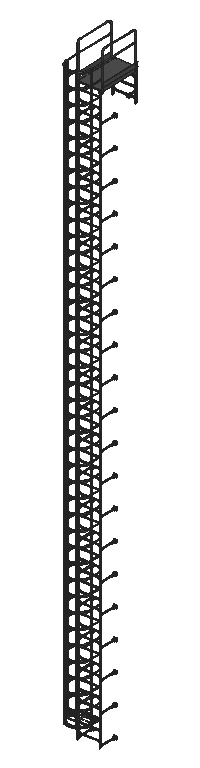
Revit family "BORGE_Вертикальная пожарная лестница_П-2", category Обобщенные модели, Revit 2019 (continued)
Nested families
  nested 36: "SHD_BORGE_Стеновой кронштейн" at (387.486, 0, 15500), Code2 <- "Code2_Кронштейн_Внешний", ADSK_Материал <- "ADSK_Материал", visible <- "Kr_15_Vis", ADSK_Группирование <- "ADSK_Группирование", type "Стеновой кронштейн", detail levels fine
    with L 600 mm, Code2 46, Code1 2, ADSK_Размер_Длина 647 mm, ADSK_Примечание "", ADSK_Позиция "", ADSK_Обозначение "08.104.06.01.01.000.9005M", ADSK_Наименование краткое "Стеновой кронштейн", ADSK_Наименование "Стеновой кронштейн BORGE для пожарной лестницы, 600мм, оцинк., чёрный (RAL 9005 matt)", ADSK_Материал BOGRE_Уcловный_Чёрный матовый_RAL 9005, ADSK_Масса_Текст "1.4", ADSK_Масса 1.4, ADSK_Марка "08.104.06.01.01.000.9005M", ADSK_Количество 1, ADSK_Код изделия "", ADSK_Завод-изготовитель "ООО «Борге», ООО «Бипро»", ADSK_Единица измерения "шт.", ADSK_Группирование ""
  nested 37: "SHD_BORGE_Стеновой кронштейн" at (-387.486, 0, 16500), Code2 <- "Code2_Кронштейн_Внешний", ADSK_Материал <- "ADSK_Материал", visible <- "Kr_16_Vis", ADSK_Группирование <- "ADSK_Группирование", type "Стеновой кронштейн", detail levels fine
    with L 600 mm, Code2 46, Code1 2, ADSK_Размер_Длина 647 mm, ADSK_Примечание "", ADSK_Позиция "", ADSK_Обозначение "08.104.06.01.01.000.9005M", ADSK_Наименование краткое "Стеновой кронштейн", ADSK_Наименование "Стеновой кронштейн BORGE для пожарной лестницы, 600мм, оцинк., чёрный (RAL 9005 matt)", ADSK_Материал BOGRE_Уcловный_Чёрный матовый_RAL 9005, ADSK_Масса_Текст "1.4", ADSK_Масса 1.4, ADSK_Марка "08.104.06.01.01.000.9005M", ADSK_Количество 1, ADSK_Код изделия "", ADSK_Завод-изготовитель "ООО «Борге», ООО «Бипро»", ADSK_Единица измерения "шт.", ADSK_Группирование ""
  nested 38: "SHD_BORGE_Стеновой кронштейн" at (387.486, 0, 16500), Code2 <- "Code2_Кронштейн_Внешний", ADSK_Материал <- "ADSK_Материал", visible <- "Kr_16_Vis", ADSK_Группирование <- "ADSK_Группирование", type "Стеновой кронштейн", detail levels fine
    with L 600 mm, Code2 46, Code1 2, ADSK_Размер_Длина 647 mm, ADSK_Примечание "", ADSK_Позиция "", ADSK_Обозначение "08.104.06.01.01.000.9005M", ADSK_Наименование краткое "Стеновой кронштейн", ADSK_Наименование "Стеновой кронштейн BORGE для пожарной лестницы, 600мм, оцинк., чёрный (RAL 9005 matt)", ADSK_Материал BOGRE_Уcловный_Чёрный матовый_RAL 9005, ADSK_Масса_Текст "1.4", ADSK_Масса 1.4, ADSK_Марка "08.104.06.01.01.000.9005M", ADSK_Количество 1, ADSK_Код изделия "", ADSK_Завод-изготовитель "ООО «Борге», ООО «Бипро»", ADSK_Единица измерения "шт.", ADSK_Группирование ""
  nested 39: "SHD_BORGE_Стеновой кронштейн" at (-387.486, 0, 17500), Code2 <- "Code2_Кронштейн_Внешний", ADSK_Материал <- "ADSK_Материал", visible <- "Kr_17_Vis", ADSK_Группирование <- "ADSK_Группирование", type "Стеновой кронштейн", detail levels fine
    with L 600 mm, Code2 46, Code1 2, ADSK_Размер_Длина 647 mm, ADSK_Примечание "", ADSK_Позиция "", ADSK_Обозначение "08.104.06.01.01.000.9005M", ADSK_Наименование краткое "Стеновой кронштейн", ADSK_Наименование "Стеновой кронштейн BORGE для пожарной лестницы, 600мм, оцинк., чёрный (RAL 9005 matt)", ADSK_Материал BOGRE_Уcловный_Чёрный матовый_RAL 9005, ADSK_Масса_Текст "1.4", ADSK_Масса 1.4, ADSK_Марка "08.104.06.01.01.000.9005M", ADSK_Количество 1, ADSK_Код изделия "", ADSK_Завод-изготовитель "ООО «Борге», ООО «Бипро»", ADSK_Единица измерения "шт.", ADSK_Группирование ""
  nested 40: "SHD_BORGE_Стеновой кронштейн" at (387.486, 0, 17500), Code2 <- "Code2_Кронштейн_Внешний", ADSK_Материал <- "ADSK_Материал", visible <- "Kr_17_Vis", ADSK_Группирование <- "ADSK_Группирование", type "Стеновой кронштейн", detail levels fine
    with L 600 mm, Code2 46, Code1 2, ADSK_Размер_Длина 647 mm, ADSK_Примечание "", ADSK_Позиция "", ADSK_Обозначение "08.104.06.01.01.000.9005M", ADSK_Наименование краткое "Стеновой кронштейн", ADSK_Наименование "Стеновой кронштейн BORGE для пожарной лестницы, 600мм, оцинк., чёрный (RAL 9005 matt)", ADSK_Материал BOGRE_Уcловный_Чёрный матовый_RAL 9005, ADSK_Масса_Текст "1.4", ADSK_Масса 1.4, ADSK_Марка "08.104.06.01.01.000.9005M", ADSK_Количество 1, ADSK_Код изделия "", ADSK_Завод-изготовитель "ООО «Борге», ООО «Бипро»", ADSK_Единица измерения "шт.", ADSK_Группирование ""
  nested 41: "SHD_BORGE_Стеновой кронштейн" at (-387.486, 0, 18500), Code2 <- "Code2_Кронштейн_Внешний", ADSK_Материал <- "ADSK_Материал", visible <- "Kr_18_Vis", ADSK_Группирование <- "ADSK_Группирование", type "Стеновой кронштейн", detail levels fine
    with L 600 mm, Code2 46, Code1 2, ADSK_Размер_Длина 647 mm, ADSK_Примечание "", ADSK_Позиция "", ADSK_Обозначение "08.104.06.01.01.000.9005M", ADSK_Наименование краткое "Стеновой кронштейн", ADSK_Наименование "Стеновой кронштейн BORGE для пожарной лестницы, 600мм, оцинк., чёрный (RAL 9005 matt)", ADSK_Материал BOGRE_Уcловный_Чёрный матовый_RAL 9005, ADSK_Масса_Текст "1.4", ADSK_Масса 1.4, ADSK_Марка "08.104.06.01.01.000.9005M", ADSK_Количество 1, ADSK_Код изделия "", ADSK_Завод-изготовитель "ООО «Борге», ООО «Бипро»", ADSK_Единица измерения "шт.", ADSK_Группирование ""
  nested 42: "SHD_BORGE_Стеновой кронштейн" at (387.486, 0, 18500), Code2 <- "Code2_Кронштейн_Внешний", ADSK_Материал <- "ADSK_Материал", visible <- "Kr_18_Vis", ADSK_Группирование <- "ADSK_Группирование", type "Стеновой кронштейн", detail levels fine
    with L 600 mm, Code2 46, Code1 2, ADSK_Размер_Длина 647 mm, ADSK_Примечание "", ADSK_Позиция "", ADSK_Обозначение "08.104.06.01.01.000.9005M", ADSK_Наименование краткое "Стеновой кронштейн", ADSK_Наименование "Стеновой кронштейн BORGE для пожарной лестницы, 600мм, оцинк., чёрный (RAL 9005 matt)", ADSK_Материал BOGRE_Уcловный_Чёрный матовый_RAL 9005, ADSK_Масса_Текст "1.4", ADSK_Масса 1.4, ADSK_Марка "08.104.06.01.01.000.9005M", ADSK_Количество 1, ADSK_Код изделия "", ADSK_Завод-изготовитель "ООО «Борге», ООО «Бипро»", ADSK_Единица измерения "шт.", ADSK_Группирование ""
  nested 43: "SHD_BORGE_Стеновой кронштейн" at (-387.486, 0, 19500), Code2 <- "Code2_Кронштейн_Внешний", ADSK_Материал <- "ADSK_Материал", visible <- "Kr_19_Vis", ADSK_Группирование <- "ADSK_Группирование", type "Стеновой кронштейн", detail levels fine
    with L 600 mm, Code2 46, Code1 2, ADSK_Размер_Длина 647 mm, ADSK_Примечание "", ADSK_Позиция "", ADSK_Обозначение "08.104.06.01.01.000.9005M", ADSK_Наименование краткое "Стеновой кронштейн", ADSK_Наименование "Стеновой кронштейн BORGE для пожарной лестницы, 600мм, оцинк., чёрный (RAL 9005 matt)", ADSK_Материал BOGRE_Уcловный_Чёрный матовый_RAL 9005, ADSK_Масса_Текст "1.4", ADSK_Масса 1.4, ADSK_Марка "08.104.06.01.01.000.9005M", ADSK_Количество 1, ADSK_Код изделия "", ADSK_Завод-изготовитель "ООО «Борге», ООО «Бипро»", ADSK_Единица измерения "шт.", ADSK_Группирование ""
  nested 44: "SHD_BORGE_Стеновой кронштейн" at (387.486, 0, 19500), Code2 <- "Code2_Кронштейн_Внешний", ADSK_Материал <- "ADSK_Материал", visible <- "Kr_19_Vis", ADSK_Группирование <- "ADSK_Группирование", type "Стеновой кронштейн", detail levels fine
    with L 600 mm, Code2 46, Code1 2, ADSK_Размер_Длина 647 mm, ADSK_Примечание "", ADSK_Позиция "", ADSK_Обозначение "08.104.06.01.01.000.9005M", ADSK_Наименование краткое "Стеновой кронштейн", ADSK_Наименование "Стеновой кронштейн BORGE для пожарной лестницы, 600мм, оцинк., чёрный (RAL 9005 matt)", ADSK_Материал BOGRE_Уcловный_Чёрный матовый_RAL 9005, ADSK_Масса_Текст "1.4", ADSK_Масса 1.4, ADSK_Марка "08.104.06.01.01.000.9005M", ADSK_Количество 1, ADSK_Код изделия "", ADSK_Завод-изготовитель "ООО «Борге», ООО «Бипро»", ADSK_Единица измерения "шт.", ADSK_Группирование ""
  nested 45: "SHD_BORGE_Секция пожарной лестницы" at (0, -625, 4483), Code2 <- "Code2_Лестница_Внешняя_2", ADSK_Материал <- "ADSK_Материал", visible <- "Les_Vnesh_Vis_2", ADSK_Группирование <- "ADSK_Группирование", type "Секция пожарной лестницы", detail levels fine
    with Vis_3 yes, Vis_2 yes, Vis_1 yes, H 3000 mm, Code2 46, Code1 3, ADSK_Размер_Высота 3000 mm, ADSK_Примечание "", ADSK_Позиция "", ADSK_Обозначение "08.113.30.08.01.000.9005M", ADSK_Наименование краткое "Секция пожарной лестницы", ADSK_Наименование "Секция пожарной лестницы BORGE 800, 3м, оцинк., чёрный (RAL 9005 matt), CZn", ADSK_Материал BOGRE_Уcловный_Чёрный матовый_RAL 9005, ADSK_Масса_Текст "2", ADSK_Масса 2, ADSK_Марка "08.113.30.08.01.000.9005M", ADSK_Количество 1, ADSK_Код изделия "", ADSK_Завод-изготовитель "ООО «Борге», ООО «Бипро»", ADSK_Единица измерения "шт.", ADSK_Группирование ""
  nested 46: "SHD_BORGE_Секция пожарной лестницы" at (0, -625, 7483), Code2 <- "Code2_Лестница_Внешняя_3", ADSK_Материал <- "ADSK_Материал", visible <- "Les_Vnesh_Vis_3", ADSK_Группирование <- "ADSK_Группирование", type "Секция пожарной лестницы", detail levels fine
    with Vis_3 yes, Vis_2 yes, Vis_1 yes, H 3000 mm, Code2 46, Code1 3, ADSK_Размер_Высота 3000 mm, ADSK_Примечание "", ADSK_Позиция "", ADSK_Обозначение "08.113.30.08.01.000.9005M", ADSK_Наименование краткое "Секция пожарной лестницы", ADSK_Наименование "Секция пожарной лестницы BORGE 800, 3м, оцинк., чёрный (RAL 9005 matt), CZn", ADSK_Материал BOGRE_Уcловный_Чёрный матовый_RAL 9005, ADSK_Масса_Текст "2", ADSK_Масса 2, ADSK_Марка "08.113.30.08.01.000.9005M", ADSK_Количество 1, ADSK_Код изделия "", ADSK_Завод-изготовитель "ООО «Борге», ООО «Бипро»", ADSK_Единица измерения "шт.", ADSK_Группирование ""
  nested 47: "SHD_BORGE_Секция пожарной лестницы" at (0, -625, 10483), Code2 <- "Code2_Лестница_Внешняя_4", ADSK_Материал <- "ADSK_Материал", visible <- "Les_Vnesh_Vis_4", ADSK_Группирование <- "ADSK_Группирование", type "Секция пожарной лестницы", detail levels fine
    with Vis_3 yes, Vis_2 yes, Vis_1 yes, H 3000 mm, Code2 46, Code1 3, ADSK_Размер_Высота 3000 mm, ADSK_Примечание "", ADSK_Позиция "", ADSK_Обозначение "08.113.30.08.01.000.9005M", ADSK_Наименование краткое "Секция пожарной лестницы", ADSK_Наименование "Секция пожарной лестницы BORGE 800, 3м, оцинк., чёрный (RAL 9005 matt), CZn", ADSK_Материал BOGRE_Уcловный_Чёрный матовый_RAL 9005, ADSK_Масса_Текст "2", ADSK_Масса 2, ADSK_Марка "08.113.30.08.01.000.9005M", ADSK_Количество 1, ADSK_Код изделия "", ADSK_Завод-изготовитель "ООО «Борге», ООО «Бипро»", ADSK_Единица измерения "шт.", ADSK_Группирование ""
  nested 48: "SHD_BORGE_Секция пожарной лестницы" at (0, -625, 13483), Code2 <- "Code2_Лестница_Внешняя_5", ADSK_Материал <- "ADSK_Материал", visible <- "Les_Vnesh_Vis_5", ADSK_Группирование <- "ADSK_Группирование", type "Секция пожарной лестницы", detail levels fine
    with Vis_3 yes, Vis_2 yes, Vis_1 yes, H 3000 mm, Code2 46, Code1 3, ADSK_Размер_Высота 3000 mm, ADSK_Примечание "", ADSK_Позиция "", ADSK_Обозначение "08.113.30.08.01.000.9005M", ADSK_Наименование краткое "Секция пожарной лестницы", ADSK_Наименование "Секция пожарной лестницы BORGE 800, 3м, оцинк., чёрный (RAL 9005 matt), CZn", ADSK_Материал BOGRE_Уcловный_Чёрный матовый_RAL 9005, ADSK_Масса_Текст "2", ADSK_Масса 2, ADSK_Марка "08.113.30.08.01.000.9005M", ADSK_Количество 1, ADSK_Код изделия "", ADSK_Завод-изготовитель "ООО «Борге», ООО «Бипро»", ADSK_Единица измерения "шт.", ADSK_Группирование ""
  nested 49: "SHD_BORGE_Секция пожарной лестницы" at (0, -625, 16483), Code2 <- "Code2_Лестница_Внешняя_6", ADSK_Материал <- "ADSK_Материал", visible <- "Les_Vnesh_Vis_6", ADSK_Группирование <- "ADSK_Группирование", type "Секция пожарной лестницы", detail levels fine
    with Vis_3 yes, Vis_2 yes, Vis_1 yes, H 3000 mm, Code2 46, Code1 3, ADSK_Размер_Высота 3000 mm, ADSK_Примечание "", ADSK_Позиция "", ADSK_Обозначение "08.113.30.08.01.000.9005M", ADSK_Наименование краткое "Секция пожарной лестницы", ADSK_Наименование "Секция пожарной лестницы BORGE 800, 3м, оцинк., чёрный (RAL 9005 matt), CZn", ADSK_Материал BOGRE_Уcловный_Чёрный матовый_RAL 9005, ADSK_Масса_Текст "2", ADSK_Масса 2, ADSK_Марка "08.113.30.08.01.000.9005M", ADSK_Количество 1, ADSK_Код изделия "", ADSK_Завод-изготовитель "ООО «Борге», ООО «Бипро»", ADSK_Единица измерения "шт.", ADSK_Группирование ""
  nested 50: "SHD_BORGE_Стеновой кронштейн" at (-387.486, 0, 20500), Code2 <- "Code2_Кронштейн_Внешний", ADSK_Материал <- "ADSK_Материал", visible <- "Kr_19_Vis", ADSK_Группирование <- "ADSK_Группирование", type "Стеновой кронштейн", detail levels fine
    with L 600 mm, Code2 46, Code1 2, ADSK_Размер_Длина 647 mm, ADSK_Примечание "", ADSK_Позиция "", ADSK_Обозначение "08.104.06.01.01.000.9005M", ADSK_Наименование краткое "Стеновой кронштейн", ADSK_Наименование "Стеновой кронштейн BORGE для пожарной лестницы, 600мм, оцинк., чёрный (RAL 9005 matt)", ADSK_Материал BOGRE_Уcловный_Чёрный матовый_RAL 9005, ADSK_Масса_Текст "1.4", ADSK_Масса 1.4, ADSK_Марка "08.104.06.01.01.000.9005M", ADSK_Количество 1, ADSK_Код изделия "", ADSK_Завод-изготовитель "ООО «Борге», ООО «Бипро»", ADSK_Единица измерения "шт.", ADSK_Группирование ""
  nested 51: "SHD_BORGE_Стеновой кронштейн" at (387.486, 0, 20500), Code2 <- "Code2_Кронштейн_Внешний", ADSK_Материал <- "ADSK_Материал", visible <- "Kr_19_Vis", ADSK_Группирование <- "ADSK_Группирование", type "Стеновой кронштейн", detail levels fine
    with L 600 mm, Code2 46, Code1 2, ADSK_Размер_Длина 647 mm, ADSK_Примечание "", ADSK_Позиция "", ADSK_Обозначение "08.104.06.01.01.000.9005M", ADSK_Наименование краткое "Стеновой кронштейн", ADSK_Наименование "Стеновой кронштейн BORGE для пожарной лестницы, 600мм, оцинк., чёрный (RAL 9005 matt)", ADSK_Материал BOGRE_Уcловный_Чёрный матовый_RAL 9005, ADSK_Масса_Текст "1.4", ADSK_Масса 1.4, ADSK_Марка "08.104.06.01.01.000.9005M", ADSK_Количество 1, ADSK_Код изделия "", ADSK_Завод-изготовитель "ООО «Борге», ООО «Бипро»", ADSK_Единица измерения "шт.", ADSK_Группирование ""
  nested 52: "SHD_BORGE_Вертикальное ограждение лестницы" at (0, -625, 3324.72), ADSK_Группирование <- "ADSK_Группирование", Code2 <- "Code2", ADSK_Материал <- "ADSK_Материал", visible <- "Ogr_18_Vis", type "Вертикальное ограждение", detail levels fine
    with Нижняя направляющие_Высота 450 mm, Верхняя дуга_Видимость yes, Верхние направляющие_Высота 496.58 mm, Верхние направляющие_Видимость yes, Code2 2, ADSK_Примечание "", ADSK_Позиция "", ADSK_Обозначение "08.102.08.08.10.000.9005M", ADSK_Наименование краткое "Вертикальное ограждение", ADSK_Наименование "Верт. ограждение пожарной лестницы BORGE, оцинк., секция 1м, чёрный (RAL 9005 matt)", ADSK_Материал BOGRE_Уcловный_Чёрный матовый_RAL 9005, ADSK_Масса_Текст "7.8", ADSK_Масса 7.8, ADSK_Марка "08.102.08.08.10.000.9005M", ADSK_Количество 1, ADSK_Код изделия "", ADSK_Завод-изготовитель "ООО «Борге», ООО «Бипро»", ADSK_Единица измерения "шт.", ADSK_Группирование ""
  nested 53: "SHD_BORGE_Вертикальное ограждение лестницы" at (0, -625, 4324.72), ADSK_Группирование <- "ADSK_Группирование", Code2 <- "Code2", ADSK_Материал <- "ADSK_Материал", visible <- "Ogr_17_Vis", type "Вертикальное ограждение", detail levels fine
    with Нижняя направляющие_Высота 450 mm, Верхняя дуга_Видимость yes, Верхние направляющие_Высота 496.58 mm, Верхние направляющие_Видимость yes, Code2 2, ADSK_Примечание "", ADSK_Позиция "", ADSK_Обозначение "08.102.08.08.10.000.9005M", ADSK_Наименование краткое "Вертикальное ограждение", ADSK_Наименование "Верт. ограждение пожарной лестницы BORGE, оцинк., секция 1м, чёрный (RAL 9005 matt)", ADSK_Материал BOGRE_Уcловный_Чёрный матовый_RAL 9005, ADSK_Масса_Текст "7.8", ADSK_Масса 7.8, ADSK_Марка "08.102.08.08.10.000.9005M", ADSK_Количество 1, ADSK_Код изделия "", ADSK_Завод-изготовитель "ООО «Борге», ООО «Бипро»", ADSK_Единица измерения "шт.", ADSK_Группирование ""
  nested 54: "SHD_BORGE_Вертикальное ограждение лестницы" at (0, -625, 5324.72), ADSK_Группирование <- "ADSK_Группирование", Code2 <- "Code2", ADSK_Материал <- "ADSK_Материал", visible <- "Ogr_16_Vis", type "Вертикальное ограждение", detail levels fine
    with Нижняя направляющие_Высота 450 mm, Верхняя дуга_Видимость yes, Верхние направляющие_Высота 496.58 mm, Верхние направляющие_Видимость yes, Code2 2, ADSK_Примечание "", ADSK_Позиция "", ADSK_Обозначение "08.102.08.08.10.000.9005M", ADSK_Наименование краткое "Вертикальное ограждение", ADSK_Наименование "Верт. ограждение пожарной лестницы BORGE, оцинк., секция 1м, чёрный (RAL 9005 matt)", ADSK_Материал BOGRE_Уcловный_Чёрный матовый_RAL 9005, ADSK_Масса_Текст "7.8", ADSK_Масса 7.8, ADSK_Марка "08.102.08.08.10.000.9005M", ADSK_Количество 1, ADSK_Код изделия "", ADSK_Завод-изготовитель "ООО «Борге», ООО «Бипро»", ADSK_Единица измерения "шт.", ADSK_Группирование ""
  nested 55: "SHD_BORGE_Вертикальное ограждение лестницы" at (0, -625, 6324.72), ADSK_Группирование <- "ADSK_Группирование", Code2 <- "Code2", ADSK_Материал <- "ADSK_Материал", visible <- "Ogr_15_Vis", type "Вертикальное ограждение", detail levels fine
    with Нижняя направляющие_Высота 450 mm, Верхняя дуга_Видимость yes, Верхние направляющие_Высота 496.58 mm, Верхние направляющие_Видимость yes, Code2 2, ADSK_Примечание "", ADSK_Позиция "", ADSK_Обозначение "08.102.08.08.10.000.9005M", ADSK_Наименование краткое "Вертикальное ограждение", ADSK_Наименование "Верт. ограждение пожарной лестницы BORGE, оцинк., секция 1м, чёрный (RAL 9005 matt)", ADSK_Материал BOGRE_Уcловный_Чёрный матовый_RAL 9005, ADSK_Масса_Текст "7.8", ADSK_Масса 7.8, ADSK_Марка "08.102.08.08.10.000.9005M", ADSK_Количество 1, ADSK_Код изделия "", ADSK_Завод-изготовитель "ООО «Борге», ООО «Бипро»", ADSK_Единица измерения "шт.", ADSK_Группирование ""
  nested 56: "SHD_BORGE_Вертикальное ограждение лестницы" at (0, -625, 7324.72), ADSK_Группирование <- "ADSK_Группирование", Code2 <- "Code2", ADSK_Материал <- "ADSK_Материал", visible <- "Ogr_14_Vis", type "Вертикальное ограждение", detail levels fine
    with Нижняя направляющие_Высота 450 mm, Верхняя дуга_Видимость yes, Верхние направляющие_Высота 496.58 mm, Верхние направляющие_Видимость yes, Code2 2, ADSK_Примечание "", ADSK_Позиция "", ADSK_Обозначение "08.102.08.08.10.000.9005M", ADSK_Наименование краткое "Вертикальное ограждение", ADSK_Наименование "Верт. ограждение пожарной лестницы BORGE, оцинк., секция 1м, чёрный (RAL 9005 matt)", ADSK_Материал BOGRE_Уcловный_Чёрный матовый_RAL 9005, ADSK_Масса_Текст "7.8", ADSK_Масса 7.8, ADSK_Марка "08.102.08.08.10.000.9005M", ADSK_Количество 1, ADSK_Код изделия "", ADSK_Завод-изготовитель "ООО «Борге», ООО «Бипро»", ADSK_Единица измерения "шт.", ADSK_Группирование ""
  nested 57: "SHD_BORGE_Вертикальное ограждение лестницы" at (0, -625, 8324.72), ADSK_Группирование <- "ADSK_Группирование", Code2 <- "Code2", ADSK_Материал <- "ADSK_Материал", visible <- "Ogr_13_Vis", type "Вертикальное ограждение", detail levels fine
    with Нижняя направляющие_Высота 450 mm, Верхняя дуга_Видимость yes, Верхние направляющие_Высота 496.58 mm, Верхние направляющие_Видимость yes, Code2 2, ADSK_Примечание "", ADSK_Позиция "", ADSK_Обозначение "08.102.08.08.10.000.9005M", ADSK_Наименование краткое "Вертикальное ограждение", ADSK_Наименование "Верт. ограждение пожарной лестницы BORGE, оцинк., секция 1м, чёрный (RAL 9005 matt)", ADSK_Материал BOGRE_Уcловный_Чёрный матовый_RAL 9005, ADSK_Масса_Текст "7.8", ADSK_Масса 7.8, ADSK_Марка "08.102.08.08.10.000.9005M", ADSK_Количество 1, ADSK_Код изделия "", ADSK_Завод-изготовитель "ООО «Борге», ООО «Бипро»", ADSK_Единица измерения "шт.", ADSK_Группирование ""
  nested 58: "SHD_BORGE_Вертикальное ограждение лестницы" at (0, -625, 9324.72), ADSK_Группирование <- "ADSK_Группирование", Code2 <- "Code2", ADSK_Материал <- "ADSK_Материал", visible <- "Ogr_12_Vis", type "Вертикальное ограждение", detail levels fine
    with Нижняя направляющие_Высота 450 mm, Верхняя дуга_Видимость yes, Верхние направляющие_Высота 496.58 mm, Верхние направляющие_Видимость yes, Code2 2, ADSK_Примечание "", ADSK_Позиция "", ADSK_Обозначение "08.102.08.08.10.000.9005M", ADSK_Наименование краткое "Вертикальное ограждение", ADSK_Наименование "Верт. ограждение пожарной лестницы BORGE, оцинк., секция 1м, чёрный (RAL 9005 matt)", ADSK_Материал BOGRE_Уcловный_Чёрный матовый_RAL 9005, ADSK_Масса_Текст "7.8", ADSK_Масса 7.8, ADSK_Марка "08.102.08.08.10.000.9005M", ADSK_Количество 1, ADSK_Код изделия "", ADSK_Завод-изготовитель "ООО «Борге», ООО «Бипро»", ADSK_Единица измерения "шт.", ADSK_Группирование ""
  nested 59: "SHD_BORGE_Вертикальное ограждение лестницы" at (0, -625, 10324.72), ADSK_Группирование <- "ADSK_Группирование", Code2 <- "Code2", ADSK_Материал <- "ADSK_Материал", visible <- "Ogr_11_Vis", type "Вертикальное ограждение", detail levels fine
    with Нижняя направляющие_Высота 450 mm, Верхняя дуга_Видимость yes, Верхние направляющие_Высота 496.58 mm, Верхние направляющие_Видимость yes, Code2 2, ADSK_Примечание "", ADSK_Позиция "", ADSK_Обозначение "08.102.08.08.10.000.9005M", ADSK_Наименование краткое "Вертикальное ограждение", ADSK_Наименование "Верт. ограждение пожарной лестницы BORGE, оцинк., секция 1м, чёрный (RAL 9005 matt)", ADSK_Материал BOGRE_Уcловный_Чёрный матовый_RAL 9005, ADSK_Масса_Текст "7.8", ADSK_Масса 7.8, ADSK_Марка "08.102.08.08.10.000.9005M", ADSK_Количество 1, ADSK_Код изделия "", ADSK_Завод-изготовитель "ООО «Борге», ООО «Бипро»", ADSK_Единица измерения "шт.", ADSK_Группирование ""
  nested 60: "SHD_BORGE_Вертикальное ограждение лестницы" at (0, -625, 11324.72), ADSK_Группирование <- "ADSK_Группирование", Code2 <- "Code2", ADSK_Материал <- "ADSK_Материал", visible <- "Ogr_10_Vis", type "Вертикальное ограждение", detail levels fine
    with Нижняя направляющие_Высота 450 mm, Верхняя дуга_Видимость yes, Верхние направляющие_Высота 496.58 mm, Верхние направляющие_Видимость yes, Code2 2, ADSK_Примечание "", ADSK_Позиция "", ADSK_Обозначение "08.102.08.08.10.000.9005M", ADSK_Наименование краткое "Вертикальное ограждение", ADSK_Наименование "Верт. ограждение пожарной лестницы BORGE, оцинк., секция 1м, чёрный (RAL 9005 matt)", ADSK_Материал BOGRE_Уcловный_Чёрный матовый_RAL 9005, ADSK_Масса_Текст "7.8", ADSK_Масса 7.8, ADSK_Марка "08.102.08.08.10.000.9005M", ADSK_Количество 1, ADSK_Код изделия "", ADSK_Завод-изготовитель "ООО «Борге», ООО «Бипро»", ADSK_Единица измерения "шт.", ADSK_Группирование ""
  nested 61: "SHD_BORGE_Вертикальное ограждение лестницы" at (0, -625, 12324.72), ADSK_Группирование <- "ADSK_Группирование", Code2 <- "Code2", ADSK_Материал <- "ADSK_Материал", visible <- "Ogr_9_Vis", type "Вертикальное ограждение", detail levels fine
    with Нижняя направляющие_Высота 450 mm, Верхняя дуга_Видимость yes, Верхние направляющие_Высота 496.58 mm, Верхние направляющие_Видимость yes, Code2 2, ADSK_Примечание "", ADSK_Позиция "", ADSK_Обозначение "08.102.08.08.10.000.9005M", ADSK_Наименование краткое "Вертикальное ограждение", ADSK_Наименование "Верт. ограждение пожарной лестницы BORGE, оцинк., секция 1м, чёрный (RAL 9005 matt)", ADSK_Материал BOGRE_Уcловный_Чёрный матовый_RAL 9005, ADSK_Масса_Текст "7.8", ADSK_Масса 7.8, ADSK_Марка "08.102.08.08.10.000.9005M", ADSK_Количество 1, ADSK_Код изделия "", ADSK_Завод-изготовитель "ООО «Борге», ООО «Бипро»", ADSK_Единица измерения "шт.", ADSK_Группирование ""
  nested 62: "SHD_BORGE_Вертикальное ограждение лестницы" at (0, -625, 13324.72), ADSK_Группирование <- "ADSK_Группирование", Code2 <- "Code2", ADSK_Материал <- "ADSK_Материал", visible <- "Ogr_8_Vis", type "Вертикальное ограждение", detail levels fine
    with Нижняя направляющие_Высота 450 mm, Верхняя дуга_Видимость yes, Верхние направляющие_Высота 496.58 mm, Верхние направляющие_Видимость yes, Code2 2, ADSK_Примечание "", ADSK_Позиция "", ADSK_Обозначение "08.102.08.08.10.000.9005M", ADSK_Наименование краткое "Вертикальное ограждение", ADSK_Наименование "Верт. ограждение пожарной лестницы BORGE, оцинк., секция 1м, чёрный (RAL 9005 matt)", ADSK_Материал BOGRE_Уcловный_Чёрный матовый_RAL 9005, ADSK_Масса_Текст "7.8", ADSK_Масса 7.8, ADSK_Марка "08.102.08.08.10.000.9005M", ADSK_Количество 1, ADSK_Код изделия "", ADSK_Завод-изготовитель "ООО «Борге», ООО «Бипро»", ADSK_Единица измерения "шт.", ADSK_Группирование ""
  nested 63: "SHD_BORGE_Вертикальное ограждение лестницы" at (0, -625, 14324.72), ADSK_Группирование <- "ADSK_Группирование", Code2 <- "Code2", ADSK_Материал <- "ADSK_Материал", visible <- "Ogr_7_Vis", type "Вертикальное ограждение", detail levels fine
    with Нижняя направляющие_Высота 450 mm, Верхняя дуга_Видимость yes, Верхние направляющие_Высота 496.58 mm, Верхние направляющие_Видимость yes, Code2 2, ADSK_Примечание "", ADSK_Позиция "", ADSK_Обозначение "08.102.08.08.10.000.9005M", ADSK_Наименование краткое "Вертикальное ограждение", ADSK_Наименование "Верт. ограждение пожарной лестницы BORGE, оцинк., секция 1м, чёрный (RAL 9005 matt)", ADSK_Материал BOGRE_Уcловный_Чёрный матовый_RAL 9005, ADSK_Масса_Текст "7.8", ADSK_Масса 7.8, ADSK_Марка "08.102.08.08.10.000.9005M", ADSK_Количество 1, ADSK_Код изделия "", ADSK_Завод-изготовитель "ООО «Борге», ООО «Бипро»", ADSK_Единица измерения "шт.", ADSK_Группирование ""
  nested 64: "SHD_BORGE_Вертикальное ограждение лестницы" at (0, -625, 15324.72), ADSK_Группирование <- "ADSK_Группирование", Code2 <- "Code2", ADSK_Материал <- "ADSK_Материал", visible <- "Ogr_6_Vis", type "Вертикальное ограждение", detail levels fine
    with Нижняя направляющие_Высота 450 mm, Верхняя дуга_Видимость yes, Верхние направляющие_Высота 496.58 mm, Верхние направляющие_Видимость yes, Code2 2, ADSK_Примечание "", ADSK_Позиция "", ADSK_Обозначение "08.102.08.08.10.000.9005M", ADSK_Наименование краткое "Вертикальное ограждение", ADSK_Наименование "Верт. ограждение пожарной лестницы BORGE, оцинк., секция 1м, чёрный (RAL 9005 matt)", ADSK_Материал BOGRE_Уcловный_Чёрный матовый_RAL 9005, ADSK_Масса_Текст "7.8", ADSK_Масса 7.8, ADSK_Марка "08.102.08.08.10.000.9005M", ADSK_Количество 1, ADSK_Код изделия "", ADSK_Завод-изготовитель "ООО «Борге», ООО «Бипро»", ADSK_Единица измерения "шт.", ADSK_Группирование ""
  nested 65: "SHD_BORGE_Вертикальное ограждение лестницы" at (0, -625, 16324.72), ADSK_Группирование <- "ADSK_Группирование", Code2 <- "Code2", ADSK_Материал <- "ADSK_Материал", visible <- "Ogr_5_Vis", type "Вертикальное ограждение", detail levels fine
    with Нижняя направляющие_Высота 450 mm, Верхняя дуга_Видимость yes, Верхние направляющие_Высота 496.58 mm, Верхние направляющие_Видимость yes, Code2 2, ADSK_Примечание "", ADSK_Позиция "", ADSK_Обозначение "08.102.08.08.10.000.9005M", ADSK_Наименование краткое "Вертикальное ограждение", ADSK_Наименование "Верт. ограждение пожарной лестницы BORGE, оцинк., секция 1м, чёрный (RAL 9005 matt)", ADSK_Материал BOGRE_Уcловный_Чёрный матовый_RAL 9005, ADSK_Масса_Текст "7.8", ADSK_Масса 7.8, ADSK_Марка "08.102.08.08.10.000.9005M", ADSK_Количество 1, ADSK_Код изделия "", ADSK_Завод-изготовитель "ООО «Борге», ООО «Бипро»", ADSK_Единица измерения "шт.", ADSK_Группирование ""
  nested 66: "SHD_BORGE_Вертикальное ограждение лестницы" at (0, -625, 17324.72), ADSK_Группирование <- "ADSK_Группирование", Code2 <- "Code2", ADSK_Материал <- "ADSK_Материал", visible <- "Ogr_4_Vis", type "Вертикальное ограждение", detail levels fine
    with Нижняя направляющие_Высота 450 mm, Верхняя дуга_Видимость yes, Верхние направляющие_Высота 496.58 mm, Верхние направляющие_Видимость yes, Code2 2, ADSK_Примечание "", ADSK_Позиция "", ADSK_Обозначение "08.102.08.08.10.000.9005M", ADSK_Наименование краткое "Вертикальное ограждение", ADSK_Наименование "Верт. ограждение пожарной лестницы BORGE, оцинк., секция 1м, чёрный (RAL 9005 matt)", ADSK_Материал BOGRE_Уcловный_Чёрный матовый_RAL 9005, ADSK_Масса_Текст "7.8", ADSK_Масса 7.8, ADSK_Марка "08.102.08.08.10.000.9005M", ADSK_Количество 1, ADSK_Код изделия "", ADSK_Завод-изготовитель "ООО «Борге», ООО «Бипро»", ADSK_Единица измерения "шт.", ADSK_Группирование ""
  nested 67: "SHD_BORGE_Вертикальное ограждение лестницы" at (0, -625, 18324.72), ADSK_Группирование <- "ADSK_Группирование", Code2 <- "Code2", ADSK_Материал <- "ADSK_Материал", visible <- "Kr_3_Vis", type "Вертикальное ограждение", detail levels fine
    with Нижняя направляющие_Высота 450 mm, Верхняя дуга_Видимость yes, Верхние направляющие_Высота 496.58 mm, Верхние направляющие_Видимость yes, Code2 2, ADSK_Примечание "", ADSK_Позиция "", ADSK_Обозначение "08.102.08.08.10.000.9005M", ADSK_Наименование краткое "Вертикальное ограждение", ADSK_Наименование "Верт. ограждение пожарной лестницы BORGE, оцинк., секция 1м, чёрный (RAL 9005 matt)", ADSK_Материал BOGRE_Уcловный_Чёрный матовый_RAL 9005, ADSK_Масса_Текст "7.8", ADSK_Масса 7.8, ADSK_Марка "08.102.08.08.10.000.9005M", ADSK_Количество 1, ADSK_Код изделия "", ADSK_Завод-изготовитель "ООО «Борге», ООО «Бипро»", ADSK_Единица измерения "шт.", ADSK_Группирование ""
  nested 68: "SHD_BORGE_Вертикальное ограждение лестницы" at (0, -625, 19324.72), ADSK_Группирование <- "ADSK_Группирование", Code2 <- "Code2", ADSK_Материал <- "ADSK_Материал", type "Вертикальное ограждение", detail levels fine
    with Нижняя направляющие_Высота 450 mm, Верхняя дуга_Видимость yes, Верхние направляющие_Высота 496.58 mm, Верхние направляющие_Видимость yes, Code2 2, ADSK_Примечание "", ADSK_Позиция "", ADSK_Обозначение "08.102.08.08.10.000.9005M", ADSK_Наименование краткое "Вертикальное ограждение", ADSK_Наименование "Верт. ограждение пожарной лестницы BORGE, оцинк., секция 1м, чёрный (RAL 9005 matt)", ADSK_Материал BOGRE_Уcловный_Чёрный матовый_RAL 9005, ADSK_Масса_Текст "7.8", ADSK_Масса 7.8, ADSK_Марка "08.102.08.08.10.000.9005M", ADSK_Количество 1, ADSK_Код изделия "", ADSK_Завод-изготовитель "ООО «Борге», ООО «Бипро»", ADSK_Единица измерения "шт.", ADSK_Группирование ""
  nested 69: "SHD_BORGE_Вертикальное ограждение лестницы" at (0, -625, 20324.72), ADSK_Группирование <- "ADSK_Группирование", Code2 <- "Code2", ADSK_Материал <- "ADSK_Материал", type "Вертикальное ограждение", detail levels fine
    with Нижняя направляющие_Высота 450 mm, Верхняя дуга_Видимость yes, Верхние направляющие_Высота 496.58 mm, Верхние направляющие_Видимость yes, Code2 2, ADSK_Примечание "", ADSK_Позиция "", ADSK_Обозначение "08.102.08.08.10.000.9005M", ADSK_Наименование краткое "Вертикальное ограждение", ADSK_Наименование "Верт. ограждение пожарной лестницы BORGE, оцинк., секция 1м, чёрный (RAL 9005 matt)", ADSK_Материал BOGRE_Уcловный_Чёрный матовый_RAL 9005, ADSK_Масса_Текст "7.8", ADSK_Масса 7.8, ADSK_Марка "08.102.08.08.10.000.9005M", ADSK_Количество 1, ADSK_Код изделия "", ADSK_Завод-изготовитель "ООО «Борге», ООО «Бипро»", ADSK_Единица измерения "шт.", ADSK_Группирование ""
  nested 70: "SHD_BORGE_Вертикальное ограждение_Верхнее" at (0, -625, 21324.72), ADSK_Группирование <- "ADSK_Группирование", Code2 <- "Code2", ADSK_Материал <- "ADSK_Материал", Ограждение_Высота <- "Ограждение_Высота", visible <- "Ogr_0_Vis", type "Вертикальное ограждение", detail levels fine
    with Ограждение_Высота 19000 mm, Code2 2, ADSK_Примечание "", ADSK_Позиция "", ADSK_Обозначение "08.102.08.08.10.000.9005M", ADSK_Наименование краткое "Вертикальное ограждение", ADSK_Наименование "Верт. ограждение пожарной лестницы BORGE, оцинк., секция 1м, чёрный (RAL 9005 matt)", ADSK_Материал BOGRE_Уcловный_Чёрный матовый_RAL 9005, ADSK_Масса_Текст "7.8", ADSK_Масса 7.8, ADSK_Марка "08.102.08.08.10.000.9005M", ADSK_Количество 1, ADSK_Код изделия "", ADSK_Завод-изготовитель "ООО «Борге», ООО «Бипро»", ADSK_Единица измерения "шт.", ADSK_Группирование ""
  nested 71: "SHD_BORGE_Устройство ограничения доступа" at (0, -625, 2350.132), ADSK_Материал <- "ADSK_Материал", Code2 <- "Code2", ADSK_Группирование <- "ADSK_Группирование", type "Устройство ограничения доступа", detail levels fine
    with Code2 2, ADSK_Примечание "", ADSK_Позиция "", ADSK_Обозначение "08.110.08.07.01.000.9005M", ADSK_Наименование краткое "Устройство ограничения доступа", ADSK_Наименование "Устройство ограничения доступа BORGE для пожарной лестницы, чёрный (RAL 9005 matt)", ADSK_Материал BOGRE_Уcловный_Чёрный матовый_RAL 9005, ADSK_Масса_Текст "0", ADSK_Масса 0, ADSK_Марка "08.110.08.07.01.000.9005M", ADSK_Количество 1, ADSK_Код изделия "", ADSK_Завод-изготовитель "ООО «Борге», ООО «Бипро»", ADSK_Единица измерения "шт.", ADSK_Группирование ""
  nested 72: "SHD_BORGE_Вертикальное ограждение лестницы" at (0, -625, 2324.72), ADSK_Группирование <- "ADSK_Группирование", Code2 <- "Code2", ADSK_Материал <- "ADSK_Материал", visible <- "Ogr_19_Vis", type "Вертикальное ограждение", detail levels fine
    with Нижняя направляющие_Высота 450 mm, Верхняя дуга_Видимость yes, Верхние направляющие_Высота 496.58 mm, Верхние направляющие_Видимость yes, Code2 2, ADSK_Примечание "", ADSK_Позиция "", ADSK_Обозначение "08.102.08.08.10.000.9005M", ADSK_Наименование краткое "Вертикальное ограждение", ADSK_Наименование "Верт. ограждение пожарной лестницы BORGE, оцинк., секция 1м, чёрный (RAL 9005 matt)", ADSK_Материал BOGRE_Уcловный_Чёрный матовый_RAL 9005, ADSK_Масса_Текст "7.8", ADSK_Масса 7.8, ADSK_Марка "08.102.08.08.10.000.9005M", ADSK_Количество 1, ADSK_Код изделия "", ADSK_Завод-изготовитель "ООО «Борге», ООО «Бипро»", ADSK_Единица измерения "шт.", ADSK_Группирование ""
Definition of nested family "SHD_BORGE_Площадка переходная_П-2"
  Parameters (values of type "Площадка переходная")
    Manufacturer = "ООО «Борге», ООО «Бипро»"  # constant formula
    URL = "https://borge.ru/"
    LT = "BORGE_Площадка переходная"  # constant formula
    H [instance] = 1360 mm  # constant formula
    Code2 [instance] = 26
    Code1 [instance] = size_lookup(LT, "Code1", 1, Code2)  # 2
    B [instance] = if(Code1 = 1, 800 mm, if(Code1 = 2, 800 mm, if(Code1 = 3, 800 mm, 800 mm)))  # 800 mm
    ADSK_Размер_Ширина [instance] = B  # 800 mm
    ADSK_Размер_Длина [instance] = A  # 1200 mm
    ADSK_Размер_Высота [instance] = H  # 1360 mm
    ADSK_Примечание [instance] = ""
    ADSK_Позиция [instance] = ""
    ADSK_Обозначение [instance] = size_lookup(LT, "ADSK_Обозначение", "НЕ НАЙДЕНО", Code2)  # "08.111.12.08.12.000.9003"
    ADSK_Наименование краткое [instance] = "Площадка переходная"
    ADSK_Наименование [instance] = size_lookup(LT, "ADSK_Наименование", "НЕ НАЙДЕНО", Code2)  # "Площадка переходная BORGE 800х1200мм, оцинк., сигнально-белый (RAL 9003)"
    ADSK_Материал [instance] = none
    ADSK_Масса_Текст [instance] = if(Code1 = 1, "0.94", if(Code1 = 2, "1.4", "2"))  # "1.4"
    ADSK_Масса [instance] = if(Code1 = 1, 0.94, if(Code1 = 2, 1.4, 2))  # 1.4
    ADSK_Марка [instance] = ADSK_Обозначение  # "08.111.12.08.12.000.9003"
    ADSK_Количество [instance] = 1  # constant formula
    ADSK_Код изделия [instance] = ""
    ADSK_Завод-изготовитель [instance] = "ООО «Борге», ООО «Бипро»"  # constant formula
    ADSK_Единица измерения [instance] = "шт."  # constant formula
    ADSK_Группирование [instance] = ""
    ADSK_Версия семейства = "Rev1 2023-08"  # constant formula
    ADSK_URL страницы изделия = "https://borge.ru/products/fire-stairs/vertical_stairs/"
    ADSK_URL документации изделия = "https://borge.ru/products/fire-stairs/vertical_stairs/"
    A [instance] = if(Code1 = 1, 800 mm, if(Code1 = 2, 1200 mm, if(Code1 = 3, 1600 mm, 800 mm)))  # 1200 mm
  Reference planes
    plane 1 "По центру (Вперед/Назад)": y = 0
    plane 2: z = 0
    plane 3 "По центру (Влево/Вправо)": x = 0
    plane 4: y = -1200
    plane 5 "1": x = -418.396
    plane 6 "2": x = 418.396
    plane 7: y = -89.933
    plane 8: y = -1109.933
    plane 9 "3": x = -400
    plane 10 "4": x = 400
    plane 11: y = -47
    plane 12: y = -1153
    plane 13: y = -1137.29
    plane 14: y = -62.29
    plane 15 "8": x = -403.4
    plane 16 "9": x = 403.4
    plane 17: z = 925.032
  Forms (mm)
    Sweep 1, solid, material <- "ADSK_Материал", detail levels fine
      path origin (-418.396, 0, 0) x (0, -1, 0) y (0, 0, 1)
        loop
          line (89.933, 0) -> (89.933, 1214.082)
          arc (89.933, 1214.082) -> (128.009, 1306.006) -> (219.933, 1344.082) r 130
          line (219.933, 1344.082) -> (979.933, 1344.082)
          arc (979.933, 1344.082) -> (1071.857, 1306.006) -> (1109.933, 1214.082) r 130
          line (1109.933, 1214.082) -> (1109.933, 0)
      profile origin (-418.396, -89.933, 607.041) x (0, 1, 0) y (-1, 0, 0)
        loop
          circle (0, 0) r 16.494
    Sweep 2, solid, material <- "ADSK_Материал", detail levels fine
      path origin (418.396, 0, 0) x (0, -1, 0) y (0, 0, -1)
        loop
          line (89.933, 0) -> (89.933, -1214.082)
          arc (89.933, -1214.082) -> (128.009, -1306.006) -> (219.933, -1344.082) r 130
          line (219.933, -1344.082) -> (979.933, -1344.082)
          arc (979.933, -1344.082) -> (1071.857, -1306.006) -> (1109.933, -1214.082) r 130
          line (1109.933, -1214.082) -> (1109.933, 0)
      profile origin (418.396, -89.933, 607.041) x (0, -1, 0) y (1, 0, 0)
        loop
          circle (0, 0) r 16.494
    Extrusion 3, solid, material <- "ADSK_Материал", detail levels fine
      sketch origin (0, 265, 0) x (0, 0, 1) y (1, 0, 0)
        loop
          circle (925.096, -418.396) r 15.963
      from -1374.933 to -354.933
    Extrusion 4, solid, material <- "ADSK_Материал", detail levels fine
      sketch origin (0, 265, 0) x (0, 0, 1) y (1, 0, 0)
        loop
          circle (925.096, 418.396) r 15.963
      from -1374.933 to -354.933
    Extrusion 5, solid, material <- "ADSK_Материал", detail levels fine
      sketch origin (0, 265, 0) x (0, 0, 1) y (1, 0, 0)
        loop
          arc (324.4, 437.474) -> (323.938, 436.358) -> (322.821, 435.896) r 1.579
          line (322.821, 435.896) -> (188.892, 435.896)
          arc (188.892, 435.896) -> (187.837, 436.333) -> (187.4, 437.388) r 1.492
          line (187.4, 437.388) -> (187.4, 449.396) -> (185.9, 449.396) -> (185.9, 437.379)
          arc (185.9, 437.379) -> (186.774, 435.27) -> (188.883, 434.396) r 2.983
          line (188.883, 434.396) -> (322.945, 434.396)
          arc (322.945, 434.396) -> (325.034, 435.261) -> (325.9, 437.351) r 2.955
          line (325.9, 437.351) -> (325.9, 449.396) -> (324.4, 449.396) -> (324.4, 437.474)
      from -1418 to -312
    Extrusion 6, solid, material <- "ADSK_Материал", detail levels fine
      sketch origin (0, 265, 0) x (0, 0, 1) y (1, 0, 0)
        loop
          line (324.4, -437.474) -> (324.4, -449.396) -> (325.9, -449.396) -> (325.9, -437.351)
          arc (325.9, -437.351) -> (325.034, -435.261) -> (322.945, -434.396) r 2.955
          line (322.945, -434.396) -> (188.883, -434.396)
          arc (188.883, -434.396) -> (186.774, -435.27) -> (185.9, -437.379) r 2.983
          line (185.9, -437.379) -> (185.9, -449.396) -> (187.4, -449.396) -> (187.4, -437.388)
          arc (187.4, -437.388) -> (187.837, -436.333) -> (188.892, -435.896) r 1.492
          line (188.892, -435.896) -> (322.821, -435.896)
          arc (322.821, -435.896) -> (323.938, -436.358) -> (324.4, -437.474) r 1.579
      from -1418 to -312
    Extrusion 7, solid, material <- "ADSK_Материал", detail levels fine
      sketch origin (0, 265, 0) x (0, 0, 1) y (1, 0, 0)
        loop
          line (33.9, 370.4) -> (36.9, 370.4) -> (36.9, 398.918)
          arc (36.9, 398.918) -> (37.334, 399.966) -> (38.382, 400.4) r 1.482
          line (38.382, 400.4) -> (119.406, 400.4)
          arc (119.406, 400.4) -> (120.462, 399.962) -> (120.9, 398.906) r 1.494
          line (120.9, 398.906) -> (120.9, 363.4) -> (123.9, 363.4) -> (123.9, 398.901)
          arc (123.9, 398.901) -> (122.582, 402.082) -> (119.401, 403.4) r 4.499
          line (119.401, 403.4) -> (38.449, 403.4)
          arc (38.449, 403.4) -> (35.232, 402.068) -> (33.9, 398.851) r 4.549
          line (33.9, 398.851) -> (33.9, 370.4)
      from -1465 to -265
    Extrusion 8, solid, material <- "ADSK_Материал", detail levels fine
      sketch origin (0, 265, 0) x (0, 0, 1) y (1, 0, 0)
        loop
          line (33.9, -370.4) -> (33.9, -398.851)
          arc (33.9, -398.851) -> (35.232, -402.068) -> (38.449, -403.4) r 4.549
          line (38.449, -403.4) -> (119.401, -403.4)
          arc (119.401, -403.4) -> (122.582, -402.082) -> (123.9, -398.901) r 4.499
          line (123.9, -398.901) -> (123.9, -363.4) -> (120.9, -363.4) -> (120.9, -398.906)
          arc (120.9, -398.906) -> (120.462, -399.962) -> (119.406, -400.4) r 1.494
          line (119.406, -400.4) -> (38.382, -400.4)
          arc (38.382, -400.4) -> (37.334, -399.966) -> (36.9, -398.918) r 1.482
          line (36.9, -398.918) -> (36.9, -370.4) -> (33.9, -370.4)
      from -1465 to -265
    Extrusion 9, solid, material <- "ADSK_Материал", detail levels fine
      sketch origin (0, 0, 0) x (0, 1, 0) y (0, 0, 1)
        loop
          line (-21.5, 123.9) -> (-2.212, 123.9)
          arc (-2.212, 123.9) -> (-0.648, 124.548) -> (0, 126.112) r 2.212
          line (0, 126.112) -> (0, 153.624)
          arc (0, 153.624) -> (-0.667, 155.233) -> (-2.276, 155.9) r 2.276
          line (-2.276, 155.9) -> (-1197.701, 155.9)
          arc (-1197.701, 155.9) -> (-1199.327, 155.227) -> (-1200, 153.601) r 2.299
          line (-1200, 153.601) -> (-1200, 127.692)
          arc (-1200, 127.692) -> (-1199.329, 126.071) -> (-1197.708, 125.4) r 2.292
          line (-1197.708, 125.4) -> (-1177, 125.4) -> (-1177, 126.9) -> (-1197.733, 126.9)
          arc (-1197.733, 126.9) -> (-1198.275, 127.125) -> (-1198.5, 127.667) r 0.767
          line (-1198.5, 127.667) -> (-1198.5, 153.65)
          arc (-1198.5, 153.65) -> (-1198.28, 154.18) -> (-1197.75, 154.4) r 0.75
          line (-1197.75, 154.4) -> (-2.276, 154.4)
          arc (-2.276, 154.4) -> (-1.727, 154.173) -> (-1.5, 153.624) r 0.776
          line (-1.5, 153.624) -> (-1.5, 126.182)
          arc (-1.5, 126.182) -> (-1.729, 125.629) -> (-2.282, 125.4) r 0.782
          line (-2.282, 125.4) -> (-21.5, 125.4) -> (-21.5, 123.9)
      from -403.4 to 403.4
    Extrusion 10, solid, material <- "ADSK_Материал", detail levels fine
      sketch origin (0, 0, 0) x (1, 0, 0) y (0, 1, 0)
        loop
          line (407.9, -52) -> (406.4, -52) -> (406.4, -71.475)
          arc (406.4, -71.475) -> (407.285, -73.612) -> (409.423, -74.498) r 3.023
          line (409.423, -74.498) -> (435.945, -74.498)
          arc (435.945, -74.498) -> (436.971, -74.923) -> (437.396, -75.949) r 1.451
          line (437.396, -75.949) -> (437.396, -105.031)
          arc (437.396, -105.031) -> (436.967, -106.065) -> (435.933, -106.494) r 1.463
          line (435.933, -106.494) -> (409.35, -106.494)
          arc (409.35, -106.494) -> (407.264, -107.358) -> (406.4, -109.444) r 2.95
          line (406.4, -109.444) -> (406.4, -128.992) -> (407.9, -128.992) -> (407.9, -109.45)
          arc (407.9, -109.45) -> (408.326, -108.42) -> (409.356, -107.994) r 1.456
          line (409.356, -107.994) -> (435.926, -107.994)
          arc (435.926, -107.994) -> (438.026, -107.124) -> (438.896, -105.024) r 2.97
          line (438.896, -105.024) -> (438.896, -76.038)
          arc (438.896, -76.038) -> (438.005, -73.888) -> (435.855, -72.998) r 3.041
          line (435.855, -72.998) -> (409.412, -72.998)
          arc (409.412, -72.998) -> (408.343, -72.555) -> (407.9, -71.486) r 1.512
          line (407.9, -71.486) -> (407.9, -52)
      from 39.9 to 117
    Extrusion 11, solid, material <- "ADSK_Материал", detail levels fine
      sketch origin (0, -1020, 0) x (1, 0, 0) y (0, 1, 0)
        loop
          line (407.9, -52) -> (406.4, -52) -> (406.4, -71.475)
          arc (406.4, -71.475) -> (407.285, -73.612) -> (409.423, -74.498) r 3.023
          line (409.423, -74.498) -> (435.945, -74.498)
          arc (435.945, -74.498) -> (436.971, -74.923) -> (437.396, -75.949) r 1.451
          line (437.396, -75.949) -> (437.396, -105.031)
          arc (437.396, -105.031) -> (436.967, -106.065) -> (435.933, -106.494) r 1.463
          line (435.933, -106.494) -> (409.35, -106.494)
          arc (409.35, -106.494) -> (407.264, -107.358) -> (406.4, -109.444) r 2.95
          line (406.4, -109.444) -> (406.4, -128.992) -> (407.9, -128.992) -> (407.9, -109.45)
          arc (407.9, -109.45) -> (408.326, -108.42) -> (409.356, -107.994) r 1.456
          line (409.356, -107.994) -> (435.926, -107.994)
          arc (435.926, -107.994) -> (438.026, -107.124) -> (438.896, -105.024) r 2.97
          line (438.896, -105.024) -> (438.896, -76.038)
          arc (438.896, -76.038) -> (438.005, -73.888) -> (435.855, -72.998) r 3.041
          line (435.855, -72.998) -> (409.412, -72.998)
          arc (409.412, -72.998) -> (408.343, -72.555) -> (407.9, -71.486) r 1.512
          line (407.9, -71.486) -> (407.9, -52)
      from 39.9 to 117
    Extrusion 12, solid, material <- "ADSK_Материал", detail levels fine
      sketch origin (0, 0, 0) x (-1, 0, 0) y (0, -1, 0)
        loop
          line (407.9, 52) -> (407.9, 71.486)
          arc (407.9, 71.486) -> (408.343, 72.555) -> (409.412, 72.998) r 1.512
          line (409.412, 72.998) -> (435.855, 72.998)
          arc (435.855, 72.998) -> (438.005, 73.888) -> (438.896, 76.038) r 3.041
          line (438.896, 76.038) -> (438.896, 105.024)
          arc (438.896, 105.024) -> (438.026, 107.124) -> (435.926, 107.994) r 2.97
          line (435.926, 107.994) -> (409.356, 107.994)
          arc (409.356, 107.994) -> (408.326, 108.42) -> (407.9, 109.45) r 1.456
          line (407.9, 109.45) -> (407.9, 128.992) -> (406.4, 128.992) -> (406.4, 109.444)
          arc (406.4, 109.444) -> (407.264, 107.358) -> (409.35, 106.494) r 2.95
          line (409.35, 106.494) -> (435.933, 106.494)
          arc (435.933, 106.494) -> (436.967, 106.065) -> (437.396, 105.031) r 1.463
          line (437.396, 105.031) -> (437.396, 75.949)
          arc (437.396, 75.949) -> (436.971, 74.923) -> (435.945, 74.498) r 1.451
          line (435.945, 74.498) -> (409.423, 74.498)
          arc (409.423, 74.498) -> (407.285, 73.612) -> (406.4, 71.475) r 3.023
          line (406.4, 71.475) -> (406.4, 52) -> (407.9, 52)
      from 39.9 to 117
    Extrusion 13, solid, material <- "ADSK_Материал", detail levels fine
      sketch origin (0, -1020, 0) x (-1, 0, 0) y (0, -1, 0)
        loop
          line (407.9, 52) -> (407.9, 71.486)
          arc (407.9, 71.486) -> (408.343, 72.555) -> (409.412, 72.998) r 1.512
          line (409.412, 72.998) -> (435.855, 72.998)
          arc (435.855, 72.998) -> (438.005, 73.888) -> (438.896, 76.038) r 3.041
          line (438.896, 76.038) -> (438.896, 105.024)
          arc (438.896, 105.024) -> (438.026, 107.124) -> (435.926, 107.994) r 2.97
          line (435.926, 107.994) -> (409.356, 107.994)
          arc (409.356, 107.994) -> (408.326, 108.42) -> (407.9, 109.45) r 1.456
          line (407.9, 109.45) -> (407.9, 128.992) -> (406.4, 128.992) -> (406.4, 109.444)
          arc (406.4, 109.444) -> (407.264, 107.358) -> (409.35, 106.494) r 2.95
          line (409.35, 106.494) -> (435.933, 106.494)
          arc (435.933, 106.494) -> (436.967, 106.065) -> (437.396, 105.031) r 1.463
          line (437.396, 105.031) -> (437.396, 75.949)
          arc (437.396, 75.949) -> (436.971, 74.923) -> (435.945, 74.498) r 1.451
          line (435.945, 74.498) -> (409.423, 74.498)
          arc (409.423, 74.498) -> (407.285, 73.612) -> (406.4, 71.475) r 3.023
          line (406.4, 71.475) -> (406.4, 52) -> (407.9, 52)
      from 40 to 117
    Sweep 14, solid, material <- "ADSK_Материал", detail levels fine
      path origin (0, 0, 0) x (1, 0, 0) y (0, 1, 0)
        loop
          line (-418.396, -1109.933) -> (-418.396, -1559.6)
          arc (-418.396, -1559.6) -> (0, -1977.995) -> (418.396, -1559.6) r 418.396
          line (418.396, -1559.6) -> (418.396, -1109.933)
      profile origin (-418.396, -1334.766, 0) x (1, 0, 0) y (0, 0, 1)
        loop
          circle (0, 925) r 16
  Dimensions and locks
    "A": plane 4 to plane 1 "По центру (Вперед/Назад)"
    locked: plane 4 to plane 8 at 90.067
    locked: plane 1 "По центру (Вперед/Назад)" to plane 7 at 89.933
    equal spacing: plane 9 "3", plane 3 "По центру (Влево/Вправо)", plane 10 "4"
    "B": plane 9 "3" to plane 10 "4"
    locked: plane 10 "4" to plane 6 "2" at 18.396
    locked: plane 5 "1" to plane 9 "3" at 18.396
    locked: plane 8 to plane 12 at 43.067
    locked: plane 11 to plane 7 at 42.933
    locked: plane 13 to plane 12 at 15.71
    locked: plane 11 to plane 14 at 15.29
    locked: plane 15 "8" to plane 9 "3" at 3.4
    locked: plane 10 "4" to plane 16 "9" at 3.4
    locked: plane 17 to plane 2 at 925.032
    aligned and locked: level to plane 2
    aligned and locked: profile plane to Sweep 1 sketch curve
    aligned and locked: plane 7 to Sweep 1 sketch curve
    aligned and locked: Sweep 1 sketch curve to plane 7
    aligned and locked: Sweep 1 sketch curve to plane 8
    aligned and locked: plane 7 to Sweep 2 sketch curve  (x2)
    aligned and locked: plane 6 "2" to Sweep 2 sketch curve
    aligned and locked: plane 8 to Sweep 2 sketch curve
    aligned and locked: plane 5 "1" to Extrusion 3 sketch curve
    aligned and locked: plane 6 "2" to Extrusion 4 sketch curve
    aligned and locked: Extrusion 3 to plane 8
    aligned and locked: plane 7 to Extrusion 3
    aligned and locked: Extrusion 4 to plane 8
    aligned and locked: plane 7 to Extrusion 4
    aligned and locked: Extrusion 5 to plane 12
    aligned and locked: Extrusion 6 to plane 12
    aligned and locked: plane 4 to Extrusion 7
    aligned and locked: Extrusion 7 to plane 1 "По центру (Вперед/Назад)"
    aligned and locked: plane 15 "8" to Extrusion 9
    aligned and locked: plane 16 "9" to Extrusion 9
    aligned and locked: plane 4 to Extrusion 8
    aligned and locked: plane 5 "1" to Sweep 14 sketch curve
    aligned and locked: Sweep 14 sketch curve to plane 6 "2"
    aligned and locked: plane 8 to Sweep 14 sketch curve  (x2)
  Automatic sketch dimensions
    Sweep 1 sketch curve to level = 0 mm  (x2)
    Sweep 1 sketch curve to plane 7 = 130 mm
    Sweep 1 sketch curve to Sweep 1 sketch curve = 130 mm
    level to Sweep 1 sketch curve = 1214.082 mm
    Sweep 2 sketch curve to level = 0 mm  (x2)
    Sweep 2 sketch curve to plane 7 = 130 mm
    plane 8 to Sweep 2 sketch curve = 130 mm
    level to Sweep 2 sketch curve = 1214.082 mm
    level to Extrusion 3 sketch curve = 925.096 mm
    level to Extrusion 4 sketch curve = 925.096 mm
    plane 6 "2" to Extrusion 5 sketch curve = 31 mm
    level to Extrusion 5 sketch curve = 185.9 mm
    Extrusion 5 sketch curve to Extrusion 5 sketch curve = 1.5 mm  (x3)
    Extrusion 5 sketch curve to Extrusion 5 sketch curve = 1.483 mm
    Extrusion 5 sketch curve to Extrusion 5 sketch curve = 0.009 mm
    plane 6 "2" to Extrusion 5 sketch curve = 17.5 mm
    Extrusion 5 sketch curve to Extrusion 5 sketch curve = 133.93 mm
    Extrusion 5 sketch curve to Extrusion 5 sketch curve = 0.124 mm
    Extrusion 5 sketch curve to Extrusion 5 sketch curve = 1.455 mm
    Extrusion 5 sketch curve to Extrusion 5 sketch curve = 11.921 mm
    plane 5 "1" to Extrusion 6 sketch curve = 31 mm
    level to Extrusion 6 sketch curve = 185.9 mm
    Extrusion 6 sketch curve to Extrusion 6 sketch curve = 1.5 mm  (x2)
    Extrusion 6 sketch curve to Extrusion 6 sketch curve = 1.483 mm
    Extrusion 6 sketch curve to Extrusion 6 sketch curve = 0.009 mm  (x2)
    plane 5 "1" to Extrusion 6 sketch curve = 17.5 mm
    Extrusion 6 sketch curve to Extrusion 6 sketch curve = 133.93 mm
    Extrusion 6 sketch curve to Extrusion 6 sketch curve = 0.124 mm
    Extrusion 6 sketch curve to Extrusion 6 sketch curve = 1.455 mm
    Extrusion 6 sketch curve to Extrusion 6 sketch curve = 11.921 mm
    level to Extrusion 7 sketch curve = 33.9 mm
    Extrusion 7 sketch curve to Extrusion 7 sketch curve = 3 mm  (x2)
    plane 10 "4" to Extrusion 7 sketch curve = 0.4 mm
    Extrusion 7 sketch curve to Extrusion 7 sketch curve = 1.482 mm
    Extrusion 7 sketch curve to Extrusion 7 sketch curve = 0.067 mm
    Extrusion 7 sketch curve to plane 10 "4" = 1.099 mm
    Extrusion 7 sketch curve to Extrusion 7 sketch curve = 80.952 mm
    Extrusion 7 sketch curve to Extrusion 7 sketch curve = 0.005 mm
    Extrusion 7 sketch curve to Extrusion 7 sketch curve = 1.499 mm
    Extrusion 7 sketch curve to Extrusion 7 sketch curve = 28.451 mm
    Extrusion 7 sketch curve to Extrusion 7 sketch curve = 35.501 mm
    level to Extrusion 8 sketch curve = 33.9 mm
    Extrusion 8 sketch curve to Extrusion 8 sketch curve = 3 mm  (x2)
    plane 9 "3" to Extrusion 8 sketch curve = 0.4 mm
    Extrusion 8 sketch curve to Extrusion 8 sketch curve = 1.482 mm
    Extrusion 8 sketch curve to Extrusion 8 sketch curve = 0.067 mm
    Extrusion 8 sketch curve to plane 9 "3" = 1.099 mm
    Extrusion 8 sketch curve to Extrusion 8 sketch curve = 80.952 mm
    Extrusion 8 sketch curve to Extrusion 8 sketch curve = 0.005 mm
    Extrusion 8 sketch curve to Extrusion 8 sketch curve = 1.499 mm
    Extrusion 8 sketch curve to Extrusion 8 sketch curve = 28.451 mm
    Extrusion 8 sketch curve to Extrusion 8 sketch curve = 35.506 mm
    Extrusion 9 sketch curve to plane 4 = 0 mm
    Extrusion 9 sketch curve to plane 1 "По центру (Вперед/Назад)" = 0 mm
    Extrusion 9 sketch curve to plane 4 = 1.5 mm
    Extrusion 9 sketch curve to Extrusion 9 sketch curve = 0.75 mm
    Extrusion 9 sketch curve to Extrusion 9 sketch curve = 0.767 mm
    Extrusion 9 sketch curve to Extrusion 9 sketch curve = 0.025 mm
    Extrusion 9 sketch curve to Extrusion 9 sketch curve = 0.05 mm
    Extrusion 9 sketch curve to Extrusion 9 sketch curve = 20.708 mm
    plane 1 "По центру (Вперед/Назад)" to Extrusion 9 sketch curve = 21.5 mm
    plane 1 "По центру (Вперед/Назад)" to Extrusion 9 sketch curve = 2.282 mm
    plane 1 "По центру (Вперед/Назад)" to Extrusion 9 sketch curve = 2.276 mm
    Extrusion 9 sketch curve to Extrusion 9 sketch curve = 0 mm  (x2)
    Extrusion 9 sketch curve to Extrusion 9 sketch curve = 0.069 mm
    Extrusion 9 sketch curve to Extrusion 9 sketch curve = 0.712 mm  (x2)
    level to Extrusion 9 sketch curve = 123.9 mm
    level to Extrusion 9 sketch curve = 125.4 mm
    Extrusion 9 sketch curve to Extrusion 9 sketch curve = 0.792 mm
    Extrusion 9 sketch curve to Extrusion 9 sketch curve = 25.909 mm
    plane 10 "4" to Extrusion 10 sketch curve = 6.4 mm  (x2)
    Extrusion 10 sketch curve to Extrusion 10 sketch curve = 1.5 mm  (x3)
    Extrusion 10 sketch curve to Extrusion 10 sketch curve = 1.45 mm
    Extrusion 10 sketch curve to Extrusion 10 sketch curve = 0.006 mm  (x2)
    Extrusion 10 sketch curve to Extrusion 10 sketch curve = 1.512 mm
    Extrusion 10 sketch curve to Extrusion 10 sketch curve = 0.011 mm
    plane 6 "2" to Extrusion 10 sketch curve = 17.459 mm
    plane 6 "2" to Extrusion 10 sketch curve = 17.53 mm
    Extrusion 10 sketch curve to Extrusion 10 sketch curve = 0.007 mm
    Extrusion 10 sketch curve to Extrusion 10 sketch curve = 0.09 mm  (x2)
    Extrusion 10 sketch curve to Extrusion 10 sketch curve = 1.463 mm
    Extrusion 10 sketch curve to plane 7 = 39.059 mm
    Extrusion 10 sketch curve to plane 7 = 19.517 mm
    Extrusion 10 sketch curve to plane 14 = 13.748 mm
    Extrusion 10 sketch curve to plane 11 = 5 mm
    plane 10 "4" to Extrusion 11 sketch curve = 6.4 mm  (x2)
    Extrusion 11 sketch curve to Extrusion 11 sketch curve = 1.5 mm  (x3)
    Extrusion 11 sketch curve to Extrusion 11 sketch curve = 1.45 mm
    Extrusion 11 sketch curve to Extrusion 11 sketch curve = 0.006 mm  (x2)
    Extrusion 11 sketch curve to Extrusion 11 sketch curve = 1.512 mm
    Extrusion 11 sketch curve to Extrusion 11 sketch curve = 0.011 mm
    plane 6 "2" to Extrusion 11 sketch curve = 17.459 mm
    plane 6 "2" to Extrusion 11 sketch curve = 17.53 mm
    Extrusion 11 sketch curve to Extrusion 11 sketch curve = 0.007 mm
    Extrusion 11 sketch curve to Extrusion 11 sketch curve = 0.09 mm  (x2)
    Extrusion 11 sketch curve to Extrusion 11 sketch curve = 1.463 mm
    plane 12 to Extrusion 11 sketch curve = 4.008 mm
    plane 13 to Extrusion 11 sketch curve = 7.84 mm
    plane 8 to Extrusion 11 sketch curve = 13.895 mm
    Extrusion 11 sketch curve to Extrusion 11 sketch curve = 19.486 mm
    Extrusion 12 sketch curve to plane 9 "3" = 6.4 mm  (x2)
    Extrusion 12 sketch curve to Extrusion 12 sketch curve = 1.5 mm  (x3)
    Extrusion 12 sketch curve to Extrusion 12 sketch curve = 1.45 mm
    Extrusion 12 sketch curve to Extrusion 12 sketch curve = 0.006 mm  (x2)
    Extrusion 12 sketch curve to Extrusion 12 sketch curve = 1.512 mm
    Extrusion 12 sketch curve to Extrusion 12 sketch curve = 0.011 mm
    Extrusion 12 sketch curve to plane 5 "1" = 17.459 mm
    Extrusion 12 sketch curve to plane 5 "1" = 17.53 mm
    Extrusion 12 sketch curve to Extrusion 12 sketch curve = 0.007 mm
    Extrusion 12 sketch curve to Extrusion 12 sketch curve = 0.09 mm  (x2)
    Extrusion 12 sketch curve to Extrusion 12 sketch curve = 1.463 mm
    plane 7 to Extrusion 12 sketch curve = 39.059 mm
    plane 7 to Extrusion 12 sketch curve = 19.517 mm
    plane 14 to Extrusion 12 sketch curve = 13.748 mm
    plane 11 to Extrusion 12 sketch curve = 5 mm
    Extrusion 13 sketch curve to plane 9 "3" = 6.4 mm  (x2)
    Extrusion 13 sketch curve to Extrusion 13 sketch curve = 1.5 mm  (x3)
    Extrusion 13 sketch curve to Extrusion 13 sketch curve = 1.45 mm
    Extrusion 13 sketch curve to Extrusion 13 sketch curve = 0.006 mm  (x2)
    Extrusion 13 sketch curve to Extrusion 13 sketch curve = 1.512 mm
    Extrusion 13 sketch curve to Extrusion 13 sketch curve = 0.011 mm
    Extrusion 13 sketch curve to plane 5 "1" = 17.459 mm
    Extrusion 13 sketch curve to plane 5 "1" = 17.53 mm
    Extrusion 13 sketch curve to Extrusion 13 sketch curve = 0.007 mm
    Extrusion 13 sketch curve to Extrusion 13 sketch curve = 0.09 mm  (x2)
    Extrusion 13 sketch curve to Extrusion 13 sketch curve = 1.463 mm
    Extrusion 13 sketch curve to plane 12 = 4.008 mm
    Extrusion 13 sketch curve to plane 13 = 7.84 mm
    Extrusion 13 sketch curve to plane 8 = 13.895 mm
    Extrusion 13 sketch curve to Extrusion 13 sketch curve = 19.486 mm
    plane 4 to Sweep 14 sketch curve = 359.6 mm
    level to Sweep 14 sketch curve = 925 mm
    profile plane to Sweep 14 sketch curve = 0 mm
    radius of Sweep 1 sketch curve = 16.494 mm
